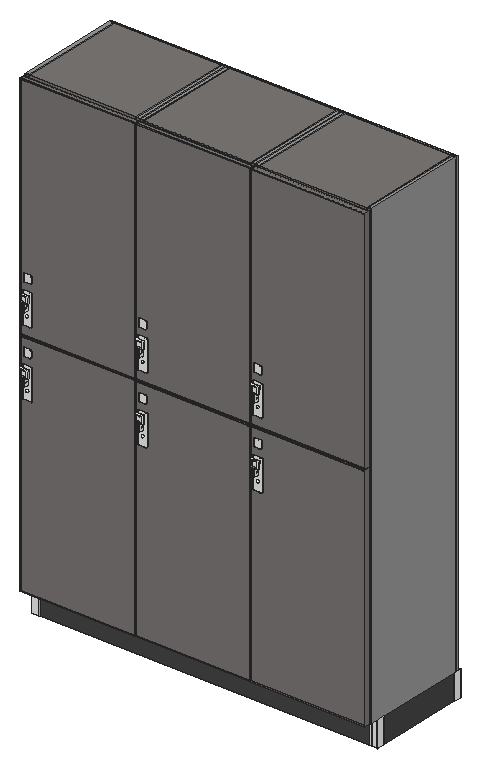
Revit family "Wood_Lockers_Hasps-Salsbury_Industries-18_42000_Series-3_Wide_Units.rfa", category Specialty Equipment, Revit 2016
Family settings
  Part Type = Normal
  Round Connector Dimension = Use Diameter
  OmniClass Number = 23.40.00.00
  OmniClass Title = Equipment and Furnishings
  Work Plane-Based = No
  Always vertical = Yes
  Cut with Voids When Loaded = No
  Shared = No
  Room Calculation Point = No
Parameters (values of type "18-42368")
  Width = 54.000"
  Version = "1.0 (01/31/24)"
  Unit Height including Sloping Hood Only [instance] = 78.868"
  Unit Height including Base Only [instance] = 76.000"
  URL = "www.lockers.com"
  Type Comments = "Premier Wood Lockers - Double Tier - with Hasps"
  Total Doors Height [instance] = if(Unit Height = 72.000", 71.750", if(Unit Height = 60.000", 59.750", 0.000"))  # 71.750"
  Sloping Top Corner Filler - Right Side [instance] = Wood Locker Sloping Corner Fillers : None
  Sloping Top Corner Filler - Left Side [instance] = Wood Locker Sloping Corner Fillers : None
  Sloping In-Line Filler - Right Side [instance] = Wood Locker Sloping In-Line Fillers : None
  Sloping In-Line Filler - Left Side [instance] = Wood Locker Sloping In-Line Fillers : None
  Sloping Hood Height = if(Depth = 15.000", 5.743", if(Depth = 18.000", 6.868", if(Depth = 21.000", 7.993", if(Depth = 24.000", 9.118", 0.000"))))  # 6.868"
  Sloping Hood [instance] = Wood Locker Sloping Hoods : None
  Side Panel without Slope - Right Side [instance] = Wood Locker Side Panels-No Slope : None
  Side Panel without Slope - Left Side [instance] = Wood Locker Side Panels-No Slope : None
  Side Panel with Slope - Right Side [instance] = Wood Locker Side Panels-With Slope : None
  Side Panel with Slope - Left Side [instance] = Wood Locker Side Panels-With Slope : None
  Secondary Structure Materials = Particle Board Industrial Grade - Salsbury Finish - Black Melamine Overlay
  Primary Structure Materials = Particle Board Industrial Grade - Salsbury Finish - Plain
  Overall Unit Height including Base and Sloping Hood [instance] = 82.868"
  OmniClass 23 Title = "Equipment and Furnishings"
  OmniClass 23 Number = "23.40.00.00"
  Model = "18-42368"
  MasterFormat Title = "Lockers"
  MasterFormat Code = "10 51 23"
  Manufacturer = "Salsbury Industries"
  Laminate Surface [instance] = Industrial Grade Particleboard with Wood Laminate - Salsbury Finish - Skyline Walnut
  Unit Height = 72.000"
  Interior Material = Textured Melamine - Salsbury Finish - White
  Individual Door Width [instance] = 17.875"
  Individual Door Height = if(Unit Height = 72.000", 35.781", if(Unit Height = 60.000", 29.781", 0.000"))  # 35.781"
  Hardware = Aluminum - Salsbury Finish - Black Satin
  Front Vertical Filler - Right Side [instance] = Wood Locker Front Fillers : None
  Front Vertical Filler - Left Side [instance] = Wood Locker Front Fillers : None
  Front Corner Filler - Right Side [instance] = Wood Locker Front Corner Filler : None
  Front Corner Filler - Left Side [instance] = Wood Locker Front Corner Filler : None
  Flat Top In-Line Filler - Right Side [instance] = Wood Locker Flat In-Line Fillers : None
  Flat Top In-Line Filler - Left Side [instance] = Wood Locker Flat In-Line Fillers : None
  Flat Top Corner Filler - Right Side [instance] = Wood Locker Flat Corner Fillers : None
  Flat Top Corner Filler - Left Side [instance] = Wood Locker Flat Corner Fillers : None
  Fascia Filler [instance] = Wood Locker Fascia Fillers : None
  Double Side Panel without Slope - Right Side [instance] = Wood Locker Double Side Panels-No Slope : None
  Double Side Panel without Slope - Left Side [instance] = Wood Locker Double Side Panels-No Slope : None
  Double Side Panel with Slope - Right Side [instance] = Wood Locker Double Side Panels-With Slope : None
  Double Side Panel with Slope - Left Side [instance] = Wood Locker Double Side Panels-With Slope : None
  Door Location D2 = Premier Locker Doors_Hasp : Double Tier Door-2 for Six Foot High Locker
  Door Location D1 = Premier Locker Doors_Hasp : Double Tier Door-1 for Six Foot High Locker
  Description = "3 Wide - 6 Feet High - 18 inches Deep - with Base"
  Depth = 18.000"
  Compartment Width [instance] = 16.750"
  Compartment Height [instance] = if(Unit Height = 72.000", 34.875", if(Unit Height = 60.000", 28.875", 0.000"))  # 34.875"
  Compartment Depth [instance] = 16.750"
  Base Material = Particle Board Industrial Grade - Salsbury Finish - Black Melamine Overlay
  Base Height = 4.000"
  Base Depth [instance] = 16.250"
  Base = Wood Locker Bases : Base - 54" W x 18" D Lockers
  Assembly Code = "C1030310"
Reference planes (in)
  plane 1 "Center (Front/Back)": y = 0
  plane 2: z = 0
  plane 3 "Center (Left/Right)": x = 0
  plane 4 "Right Side of Unit": x = 27
  plane 5 "Left Side of Unit": x = -27
  plane 6 "Back of Unit": y = 9
  plane 7 "Front of Unit": y = -9
  plane 8 "Bottom of Base": z = 0
  plane 9 "Top Edge of Unit": z = 76
  plane 10 "Top of Base Edge": z = 4
  plane 11: z = 82.868
  plane 12 "Right Compartment 3 Edge": x = 26.406
  plane 13 "Left Compartment 1 Edge": x = -26.406
  plane 14 "Front Melamine Edge": y = -8
  plane 15 "Back Compartment Edge": y = 8.781
  plane 16 "Front Compartment Edge": y = -7.969
  plane 17 "Front Edge of Base": y = -6.625
  plane 18 "Bottom Edge of Door": z = 4.125
  plane 19 "Top Edge of Door": z = 75.875
  plane 20 "Bottom Compartment Edge": z = 4.75
  plane 21 "Top Compartment Edge": z = 75.25
  plane 22 "Center Top and Bottom": z = 40
  plane 23 "Left Melamine 1 Edge": x = -26.375
  plane 24 "Right Melamine 3 Edge": x = 26.375
  plane 25 "Back Melamine Edge": y = 8.75
  plane 26 "Left Edge of Door": x = -26.875
  plane 27: y = 9.625
  plane 28: y = -7.25
  plane 29 "Base / Ventillation Alignment": y = 9.625
  plane 30 "Compartment 1-2 Dividing Line": x = -9
  plane 31 "Compartment 2-3 Dividing Line": x = 9
  plane 32 "Right Compartment 1 Edge": x = -9.594
  plane 33 "Right Melamine 1 Edge": x = -9.625
  plane 34 "Left Compartment 2 Edge": x = -8.406
  plane 35 "Left Melamine 2 Edge": x = -8.375
  plane 36 "Right Compartment 2 Edge": x = 8.406
  plane 37 "Right Melamine 2 Edge": x = 8.375
  plane 38 "Left Compartment 3 Edge": x = 9.594
  plane 39 "Left Melamine 3 Edge": x = 9.625
  plane 40 "Compartment Shelf": z = 40.375
  plane 41: z = 39.625
  plane 42 "Compartment Extrusion Guide": z = 3.5
  plane 43 "Vertical Center of Compartment 1": x = -18
  plane 44 "Vertical Center of Compartment 3": x = 18
  plane 45: z = 39.906
  plane 46: z = 40.094
  plane 47 "Front of Shelf": y = 3.75
  plane 48: y = 3.781
  plane 49 "Top Shelf - Top": z = 70.75
  plane 50 "Top Shelf - Bottom": z = 70
  plane 51 "Bottom Shelf - Top": z = 35.125
  plane 52 "Bottom Shelf - Bottom": z = 34.375
Forms (in)
  Extrusion 1, solid, material "Particle Board Industrial Grade - Salsbury Finish - Plain" <- "Primary Structure Materials"
    sketch origin (27, 0, 0) x (0, -1, 0) y (0, 0, 1)
      loop
        line (7.969, 76) -> (-8.75, 76) -> (-8.75, 4) -> (7.969, 4) -> (7.969, 76)
    from 0 to 0.594
  Extrusion 2, solid, material "Particle Board Industrial Grade - Salsbury Finish - Plain" <- "Primary Structure Materials"
    sketch origin (-27, 0, 0) x (0, -1, 0) y (0, 0, 1)
      loop
        line (-8.75, 76) -> (-8.75, 4) -> (7.969, 4) -> (7.969, 76) -> (-8.75, 76)
    from 0 to -0.594
  Extrusion 3, solid, material "Textured Melamine - Salsbury Finish - White" <- "Interior Material"
    sketch origin (0, 0, 4) x (0, -1, 0) y (1, 0, 0)
      loop
        line (-8.75, -26.375) -> (7.969, -26.375) -> (7.969, 26.375) -> (-8.75, 26.375) -> (-8.75, -26.375)
    from 0 to 0.75
  Extrusion 4, solid, material "Industrial Grade Particleboard with Wood Laminate - Salsbury Finish - Skyline Walnut" <- "Laminate Surface"
    sketch origin (0, 0, 76) x (0, -1, 0) y (1, 0, 0)
      loop
        line (-8.75, -26.375) -> (8, -26.375) -> (8, 26.375) -> (-8.75, 26.375) -> (-8.75, -26.375)
    from 0 to -0.75
  Extrusion 5, solid, material "Particle Board Industrial Grade - Salsbury Finish - Plain" <- "Primary Structure Materials"
    sketch origin (0, 9, 0) x (1, 0, 0) y (0, 0, 1)
      loop
        line (-27, 76) -> (-27, 4) -> (27, 4) -> (27, 76) -> (-27, 76)
    from 0 to 0.219
  Extrusion 6, solid, material "Industrial Grade Particleboard with Wood Laminate - Salsbury Finish - Skyline Walnut" <- "Laminate Surface"
    sketch origin (0, -7.969, 0) x (1, 0, 0) y (0, 0, 1)
      loop
        line (-27, 76) -> (-27, 4) -> (-26.375, 4) -> (-26.375, 76) -> (-27, 76)
    from 0 to 0.031
  Extrusion 7, solid, material "Industrial Grade Particleboard with Wood Laminate - Salsbury Finish - Skyline Walnut" <- "Laminate Surface"
    sketch origin (0, -7.969, 0) x (-1, 0, 0) y (0, 0, -1)
      loop
        line (-27, -76) -> (-26.375, -76) -> (-26.375, -4) -> (-27, -4) -> (-27, -76)
    from 0 to 0.031
  Extrusion 8, solid, material "Textured Melamine - Salsbury Finish - White" <- "Interior Material"
    sketch origin (0, 8.75, 0) x (1, 0, 0) y (0, 0, 1)
      loop
        line (-27, 76) -> (-27, 4) -> (27, 4) -> (27, 76) -> (-27, 76)
    from -0.031 to 0
  Extrusion 9, solid, material "Textured Melamine - Salsbury Finish - White" <- "Interior Material"
    sketch origin (-26.406, 0, 0) x (0, -1, 0) y (0, 0, 1)
      loop
        line (-8.75, 76) -> (-8.75, 4) -> (7.969, 4) -> (7.969, 76) -> (-8.75, 76)
    from 0 to -0.031
  Extrusion 10, solid, material "Textured Melamine - Salsbury Finish - White" <- "Interior Material"
    sketch origin (26.406, 0, 0) x (0, -1, 0) y (0, 0, 1)
      loop
        line (7.969, 76) -> (-8.75, 76) -> (-8.75, 4) -> (7.969, 4) -> (7.969, 76)
    from 0 to 0.031
  Extrusion 11, solid, material "Textured Melamine - Salsbury Finish - White" <- "Interior Material", detail levels fine
    sketch origin (0, 0, 40.375) x (0, -1, 0) y (1, 0, 0)
      loop
        line (-8.75, -26.375) -> (7.969, -26.375) -> (7.969, 26.375) -> (-8.75, 26.375) -> (-8.75, -26.375)
    from 0 to -0.75
  Extrusion 12, void
    sketch origin (0, 0, 76) x (0, -1, 0) y (1, 0, 0)
      loop
        line (-8.75, -9.625) -> (8, -9.625) -> (8, -8.375) -> (-8.75, -8.375) -> (-8.75, -9.625)
    from -72.5 to 0
  Extrusion 13, void
    sketch origin (12, 0, 76) x (0, -1, 0) y (1, 0, 0)
      loop
        line (-8.75, -3.625) -> (8, -3.625) -> (8, -2.375) -> (-8.75, -2.375) -> (-8.75, -3.625)
    from -72.5 to 0
  Extrusion 14, solid, material "Particle Board Industrial Grade - Salsbury Finish - Plain" <- "Primary Structure Materials"
    sketch origin (6.0625, 0, 0) x (0, -1, 0) y (0, 0, 1)
      loop
        line (7.969, 76) -> (-8.75, 76) -> (-8.75, 4) -> (7.969, 4) -> (7.969, 76)
    from -2.9375 to -2.3435
  Extrusion 15, solid, material "Textured Melamine - Salsbury Finish - White" <- "Interior Material"
    sketch origin (5.4685, 0, 0) x (0, -1, 0) y (0, 0, 1)
      loop
        line (7.969, 76) -> (-8.75, 76) -> (-8.75, 4) -> (7.969, 4) -> (7.969, 76)
    from -2.9375 to -2.9065
  Extrusion 16, solid, material "Particle Board Industrial Grade - Salsbury Finish - Plain" <- "Primary Structure Materials"
    sketch origin (-5.9375, 0, 0) x (0, -1, 0) y (0, 0, 1)
      loop
        line (7.969, 76) -> (-8.75, 76) -> (-8.75, 4) -> (7.969, 4) -> (7.969, 76)
    from 3.0625 to 3.6565
  Extrusion 17, solid, material "Textured Melamine - Salsbury Finish - White" <- "Interior Material"
    sketch origin (-6.5315, 0, 0) x (0, -1, 0) y (0, 0, 1)
      loop
        line (7.969, 76) -> (-8.75, 76) -> (-8.75, 4) -> (7.969, 4) -> (7.969, 76)
    from 3.0625 to 3.0935
  Extrusion 18, solid, material "Particle Board Industrial Grade - Salsbury Finish - Plain" <- "Primary Structure Materials"
    sketch origin (-5.9375, 0, 0) x (0, -1, 0) y (0, 0, 1)
      loop
        line (-8.75, 76) -> (-8.75, 4) -> (7.969, 4) -> (7.969, 76) -> (-8.75, 76)
    from 3.0625 to 2.4685
  Extrusion 19, solid, material "Textured Melamine - Salsbury Finish - White" <- "Interior Material"
    sketch origin (-5.3435, 0, 0) x (0, -1, 0) y (0, 0, 1)
      loop
        line (-8.75, 76) -> (-8.75, 4) -> (7.969, 4) -> (7.969, 76) -> (-8.75, 76)
    from 3.0625 to 3.0315
  Extrusion 20, solid, material "Particle Board Industrial Grade - Salsbury Finish - Plain" <- "Primary Structure Materials"
    sketch origin (6.0625, 0, 0) x (0, -1, 0) y (0, 0, 1)
      loop
        line (-8.75, 76) -> (-8.75, 4) -> (7.969, 4) -> (7.969, 76) -> (-8.75, 76)
    from -2.9375 to -3.5315
  Extrusion 21, solid, material "Textured Melamine - Salsbury Finish - White" <- "Interior Material"
    sketch origin (6.6565, 0, 0) x (0, -1, 0) y (0, 0, 1)
      loop
        line (-8.75, 76) -> (-8.75, 4) -> (7.969, 4) -> (7.969, 76) -> (-8.75, 76)
    from -2.9375 to -2.9685
  Extrusion 22, solid, material "Industrial Grade Particleboard with Wood Laminate - Salsbury Finish - Skyline Walnut" <- "Laminate Surface"
    sketch origin (11.375, -7.969, 0) x (1, 0, 0) y (0, 0, 1)
      loop
        line (-21, 76) -> (-21, 4) -> (-19.75, 4) -> (-19.75, 76) -> (-21, 76)
    from 0 to 0.031
  Extrusion 23, solid, material "Industrial Grade Particleboard with Wood Laminate - Salsbury Finish - Skyline Walnut" <- "Laminate Surface"
    sketch origin (23.375, -7.969, 0) x (1, 0, 0) y (0, 0, 1)
      loop
        line (-15, 76) -> (-15, 4) -> (-13.75, 4) -> (-13.75, 76) -> (-15, 76)
    from 0 to 0.031
  Extrusion 24, solid, material "Industrial Grade Particleboard with Wood Laminate - Salsbury Finish - Skyline Walnut" <- "Laminate Surface"
    sketch origin (0, -7.969, 0) x (1, 0, 0) y (0, 0, 1)
      loop
        line (-26.375, 40.375) -> (-26.375, 39.625) -> (26.375, 39.625) -> (26.375, 40.375) -> (-26.375, 40.375)
    from 0 to 0.031
  Extrusion 25, solid, material "Industrial Grade Particleboard with Wood Laminate - Salsbury Finish - Skyline Walnut" <- "Laminate Surface"
    sketch origin (0, -7.969, 0) x (1, 0, 0) y (0, 0, 1)
      loop
        line (-26.375, 4.75) -> (-26.375, 4) -> (26.375, 4) -> (26.375, 4.75) -> (-26.375, 4.75)
    from 0 to 0.031
  Extrusion 26, solid, material "Textured Melamine - Salsbury Finish - White" <- "Interior Material"
    sketch origin (0, 0, 70.75) x (0, -1, 0) y (1, 0, 0)
      loop
        line (-8.75, -26.375) -> (-3.781, -26.375) -> (-3.781, 26.375) -> (-8.75, 26.375) -> (-8.75, -26.375)
    from 0 to -0.75
  Extrusion 27, solid, material "Textured Melamine - Salsbury Finish - White" <- "Interior Material"
    sketch origin (0, 0, 35.125) x (0, -1, 0) y (1, 0, 0)
      loop
        line (-8.75, -26.375) -> (-3.781, -26.375) -> (-3.781, 26.375) -> (-8.75, 26.375) -> (-8.75, -26.375)
    from 0 to -0.75
  Extrusion 28, solid, material "Industrial Grade Particleboard with Wood Laminate - Salsbury Finish - Skyline Walnut" <- "Laminate Surface"
    sketch origin (0, 3.75, 0) x (1, 0, 0) y (0, 0, 1)
      loop
        line (-26.375, 70.75) -> (-26.375, 70) -> (26.375, 70) -> (26.375, 70.75) -> (-26.375, 70.75)
    from 0 to -0.031
  Extrusion 29, solid, material "Industrial Grade Particleboard with Wood Laminate - Salsbury Finish - Skyline Walnut" <- "Laminate Surface"
    sketch origin (0, 3.75, 0) x (1, 0, 0) y (0, 0, 1)
      loop
        line (-26.375, 35.125) -> (-26.375, 34.375) -> (26.375, 34.375) -> (26.375, 35.125) -> (-26.375, 35.125)
    from 0 to -0.031
Cuts and joins
  Extrusion 12, Extrusion 13 cuts Extrusion 4
  Extrusion 12, Extrusion 13 cuts Extrusion 11
  Extrusion 12, Extrusion 13 cuts Extrusion 3
  Extrusion 13 cuts Extrusion 8
Lines and regions (in)
  symbolic lines
    curve 1: line (-27, 8.75, 76) -> (27.00006, 8.75, 76)
    curve 2: line (-27, 8.75, 0) -> (-27, 8.75, 76)
    curve 3: line (27.00006, 8.75, 76) -> (27.00006, 8.75, 0)
    curve 4: line (26.406, -8, 76) -> (26.406, 9.625, 76)
    curve 5: line (26.406, -8, 0) -> (26.406, -8, 76)
    curve 6: line (26.406, 9.625, 76) -> (26.406, 9.625, 0)
    curve 7: line (27.00006, 8.75, 0) -> (-27, 8.75, 0)
    curve 8: line (26.406, -6.625, 0) -> (26.406, 9.625, 0)
    curve 9: line (26.406, 9.625, 0) -> (26.406, -6.625, 0)
    curve 10: line (26.406, -8, 0) -> (26.406, 9.625, 0)
    curve 11: line (-27, 9.625, 0) -> (27, 9.625, 0)
    curve 12: line (-27, -8, 0) -> (-27, 9.625, 0)
    curve 13: line (27, -8, 0) -> (-27, -8, 0)
    curve 14: line (27, 9.625, 0) -> (27, -8, 0)
Dimensions and locks (in)
  equal spacing: plane 5 "Left Side of Unit", plane 43 "Vertical Center of Compartment 1", plane 30 "Compartment 1-2 Dividing Line", plane 3 "Center (Left/Right)", plane 31 "Compartment 2-3 Dividing Line", plane 44 "Vertical Center of Compartment 3", plane 4 "Right Side of Unit"
  "Width": plane 5 "Left Side of Unit" to plane 4 "Right Side of Unit"
  equal spacing: plane 7 "Front of Unit", plane 1 "Center (Front/Back)", plane 6 "Back of Unit"
  "Depth": plane 7 "Front of Unit" to plane 6 "Back of Unit"
  "Base Height": plane 10 "Top of Base Edge" to plane 8 "Bottom of Base"
  "Unit Height": plane 9 "Top Edge of Unit" to plane 10 "Top of Base Edge"
  "Sloping Hood Height": plane 11 to plane 9 "Top Edge of Unit"
  locked: plane 12 "Right Compartment 3 Edge" to plane 4 "Right Side of Unit" at 0.594
  locked: plane 5 "Left Side of Unit" to plane 13 "Left Compartment 1 Edge" at 0.594
  locked: plane 7 "Front of Unit" to plane 14 "Front Melamine Edge" at 1
  locked: plane 15 "Back Compartment Edge" to plane 6 "Back of Unit" at 0.219
  locked: plane 14 "Front Melamine Edge" to plane 16 "Front Compartment Edge" at 0.031
  plane 18 "Bottom Edge of Door" to plane 10 "Top of Base Edge" = 0.125"
  plane 9 "Top Edge of Unit" to plane 19 "Top Edge of Door" = 0.125"
  plane 20 "Bottom Compartment Edge" to plane 10 "Top of Base Edge" = 0.750"
  plane 9 "Top Edge of Unit" to plane 21 "Top Compartment Edge" = 0.750"
  equal spacing: plane 9 "Top Edge of Unit", plane 22 "Center Top and Bottom", plane 10 "Top of Base Edge"
  locked: plane 24 "Right Melamine 3 Edge" to plane 12 "Right Compartment 3 Edge" at 0.031
  locked: plane 13 "Left Compartment 1 Edge" to plane 23 "Left Melamine 1 Edge" at 0.031
  locked: plane 25 "Back Melamine Edge" to plane 15 "Back Compartment Edge" at 0.031
  locked: plane 5 "Left Side of Unit" to plane 26 "Left Edge of Door" at 0.125
  "Individual Door Width": plane 26 "Left Edge of Door" to plane 30 "Compartment 1-2 Dividing Line"
  "Total Doors Height": plane 19 "Top Edge of Door" to plane 18 "Bottom Edge of Door"
  "Unit Height including Base Only": plane 9 "Top Edge of Unit" to plane 8 "Bottom of Base"
  "Unit Height including Sloping Hood Only": plane 11 to plane 10 "Top of Base Edge"
  "Overall Unit Height including Base and Sloping Hood": plane 11 to plane 8 "Bottom of Base"
  locked: plane 7 "Front of Unit" to plane 17 "Front Edge of Base" at 2.375
  locked: plane 6 "Back of Unit" to plane 27 at 0.625
  "Base Depth": plane 17 "Front Edge of Base" to plane 27
  "Compartment Width": plane 23 "Left Melamine 1 Edge" to plane 33 "Right Melamine 1 Edge"
  "Compartment Height": plane 41 to plane 20 "Bottom Compartment Edge"
  "Compartment Depth": plane 14 "Front Melamine Edge" to plane 25 "Back Melamine Edge"
  locked: plane 14 "Front Melamine Edge" to plane 28 at 0.75
  plane 14 "Front Melamine Edge" to plane 27 = 17.625"
  Extrusion 2 to Extrusion 9 = 16.719"
  plane 6 "Back of Unit" to plane 29 "Base / Ventillation Alignment" = 0.625"
  plane 32 "Right Compartment 1 Edge" to plane 30 "Compartment 1-2 Dividing Line" to plane 34 "Left Compartment 2 Edge" = 0.594" locked, 0.594" locked
  plane 36 "Right Compartment 2 Edge" to plane 31 "Compartment 2-3 Dividing Line" to plane 38 "Left Compartment 3 Edge" = 0.594" locked, 0.594" locked
  locked: plane 37 "Right Melamine 2 Edge" to plane 36 "Right Compartment 2 Edge" at 0.031
  locked: plane 38 "Left Compartment 3 Edge" to plane 39 "Left Melamine 3 Edge" at 0.031
  locked: plane 34 "Left Compartment 2 Edge" to plane 35 "Left Melamine 2 Edge" at 0.031
  plane 33 "Right Melamine 1 Edge" to plane 32 "Right Compartment 1 Edge" = 0.031"
  locked: plane 40 "Compartment Shelf" to plane 41 at 0.75
  locked: plane 10 "Top of Base Edge" to plane 42 "Compartment Extrusion Guide" at 0.5
  locked: plane 46 to plane 45 at 0.188
  "Individual Door Height": plane 45 to plane 18 "Bottom Edge of Door"
  plane 47 "Front of Shelf" to plane 25 "Back Melamine Edge" = 5.000"
  locked: plane 47 "Front of Shelf" to plane 48 at 0.031
  plane 21 "Top Compartment Edge" to plane 49 "Top Shelf - Top" to plane 50 "Top Shelf - Bottom" = 4.500" locked, 0.750" locked
  plane 41 to plane 51 "Bottom Shelf - Top" to plane 52 "Bottom Shelf - Bottom" = 4.500" locked, 0.750" locked
  aligned and locked: level to plane 2
  aligned and locked: Extrusion 5 to plane 15 "Back Compartment Edge"
  aligned and locked: plane 4 "Right Side of Unit" to nested 1
  aligned and locked: plane 18 "Bottom Edge of Door" to nested 1
  aligned and locked: plane 7 "Front of Unit" to nested 1
  aligned and locked: plane 5 "Left Side of Unit" to nested 2
  aligned and locked: nested 2 to plane 14 "Front Melamine Edge"
  aligned and locked: nested 2 to plane 9 "Top Edge of Unit"
  aligned and locked: plane 4 "Right Side of Unit" to nested 3
  aligned and locked: nested 3 to plane 9 "Top Edge of Unit"
  aligned and locked: nested 3 to plane 14 "Front Melamine Edge"
  aligned and locked: plane 9 "Top Edge of Unit" to nested 4
  aligned and locked: plane 28 to nested 4
  aligned and locked: plane 28 to nested 5
  aligned and locked: plane 5 "Left Side of Unit" to nested 5
  aligned and locked: plane 4 "Right Side of Unit" to nested 4
  aligned and locked: plane 9 "Top Edge of Unit" to nested 5
  aligned and locked: nested 7 to plane 5 "Left Side of Unit"
  aligned and locked: nested 6 to plane 4 "Right Side of Unit"
  aligned and locked: plane 14 "Front Melamine Edge" to nested 6
  aligned and locked: plane 14 "Front Melamine Edge" to nested 7
  aligned and locked: plane 10 "Top of Base Edge" to nested 6
  aligned and locked: plane 10 "Top of Base Edge" to nested 7
  aligned and locked: plane 5 "Left Side of Unit" to nested 8
  aligned and locked: plane 4 "Right Side of Unit" to nested 9
  aligned and locked: nested 9 to plane 10 "Top of Base Edge"
  aligned and locked: nested 8 to plane 10 "Top of Base Edge"
  aligned and locked: plane 16 "Front Compartment Edge" to nested 9
  aligned and locked: plane 14 "Front Melamine Edge" to nested 8
  aligned and locked: plane 4 "Right Side of Unit" to nested 10
  aligned and locked: nested 10 to plane 10 "Top of Base Edge"
  aligned and locked: plane 14 "Front Melamine Edge" to nested 10
  aligned and locked: plane 14 "Front Melamine Edge" to nested 11
  aligned and locked: nested 11 to nested 3
  aligned and locked: plane 10 "Top of Base Edge" to nested 11
  aligned and locked: nested 12 to plane 5 "Left Side of Unit"
  aligned and locked: plane 14 "Front Melamine Edge" to nested 12
  aligned and locked: plane 10 "Top of Base Edge" to nested 12
  aligned and locked: plane 14 "Front Melamine Edge" to nested 13
  aligned and locked: nested 13 to plane 4 "Right Side of Unit"
  aligned and locked: plane 14 "Front Melamine Edge" to nested 14
  aligned and locked: nested 14 to plane 5 "Left Side of Unit"
  aligned and locked: plane 10 "Top of Base Edge" to nested 13
  aligned and locked: plane 10 "Top of Base Edge" to nested 14
  aligned and locked: plane 14 "Front Melamine Edge" to nested 15
  aligned and locked: plane 4 "Right Side of Unit" to nested 15
  aligned and locked: plane 14 "Front Melamine Edge" to nested 16
  aligned and locked: plane 5 "Left Side of Unit" to nested 16
  aligned and locked: nested 15 to plane 8 "Bottom of Base"
  aligned and locked: nested 16 to plane 8 "Bottom of Base"
  aligned and locked: nested 17 to plane 5 "Left Side of Unit"
  aligned and locked: nested 18 to plane 4 "Right Side of Unit"
  aligned and locked: nested 18 to plane 14 "Front Melamine Edge"
  aligned and locked: nested 17 to plane 14 "Front Melamine Edge"
  aligned and locked: plane 8 "Bottom of Base" to nested 18
  aligned and locked: plane 8 "Bottom of Base" to nested 17
  aligned and locked: nested 19 to plane 17 "Front Edge of Base"
  aligned and locked: nested 20 to plane 9 "Top Edge of Unit"
  aligned and locked: plane 5 "Left Side of Unit" to nested 20
  aligned and locked: nested 21 to plane 9 "Top Edge of Unit"
  aligned and locked: plane 4 "Right Side of Unit" to nested 21
  aligned and locked: nested 21 to plane 14 "Front Melamine Edge"
  aligned and locked: nested 20 to plane 14 "Front Melamine Edge"
  aligned and locked: nested 23 to plane 9 "Top Edge of Unit"
  aligned and locked: plane 4 "Right Side of Unit" to nested 23
  aligned and locked: nested 22 to plane 9 "Top Edge of Unit"
  aligned and locked: plane 5 "Left Side of Unit" to nested 22
  aligned and locked: nested 23 to plane 28
  aligned and locked: nested 22 to plane 28
  aligned and locked: nested 19 to plane 8 "Bottom of Base"
  aligned and locked: plane 3 "Center (Left/Right)" to nested 19
  aligned and locked: Extrusion 3 sketch curve to plane 25 "Back Melamine Edge"
  aligned and locked: Extrusion 3 sketch curve to plane 23 "Left Melamine 1 Edge"
  aligned and locked: plane 24 "Right Melamine 3 Edge" to Extrusion 3 sketch curve
  aligned and locked: Extrusion 4 sketch curve to plane 25 "Back Melamine Edge"
  aligned and locked: plane 24 "Right Melamine 3 Edge" to Extrusion 4 sketch curve
  aligned and locked: Extrusion 4 sketch curve to plane 23 "Left Melamine 1 Edge"
  aligned and locked: Extrusion 4 sketch curve to plane 14 "Front Melamine Edge"
  aligned and locked: Extrusion 4 to plane 9 "Top Edge of Unit"
  aligned and locked: Extrusion 4 to plane 21 "Top Compartment Edge"
  aligned and locked: Extrusion 2 sketch curve to plane 9 "Top Edge of Unit"
  aligned and locked: plane 16 "Front Compartment Edge" to Extrusion 2 sketch curve
  aligned and locked: Extrusion 2 sketch curve to plane 25 "Back Melamine Edge"
  aligned and locked: plane 10 "Top of Base Edge" to Extrusion 2 sketch curve
  aligned and locked: Extrusion 2 to plane 13 "Left Compartment 1 Edge"
  aligned and locked: plane 5 "Left Side of Unit" to Extrusion 2
  aligned and locked: plane 10 "Top of Base Edge" to Extrusion 9 sketch curve
  aligned and locked: Extrusion 9 sketch curve to plane 25 "Back Melamine Edge"
  aligned and locked: Extrusion 9 sketch curve to plane 9 "Top Edge of Unit"
  aligned and locked: Extrusion 1 sketch curve to plane 16 "Front Compartment Edge"
  aligned and locked: plane 9 "Top Edge of Unit" to Extrusion 1 sketch curve
  aligned and locked: Extrusion 1 sketch curve to plane 10 "Top of Base Edge"
  aligned and locked: plane 25 "Back Melamine Edge" to Extrusion 1 sketch curve
  aligned and locked: Extrusion 1 to plane 4 "Right Side of Unit"
  aligned and locked: plane 12 "Right Compartment 3 Edge" to Extrusion 1
  aligned and locked: Extrusion 10 sketch curve to plane 10 "Top of Base Edge"
  aligned and locked: plane 25 "Back Melamine Edge" to Extrusion 10 sketch curve
  aligned and locked: Extrusion 10 sketch curve to plane 16 "Front Compartment Edge"
  aligned and locked: plane 9 "Top Edge of Unit" to Extrusion 10 sketch curve
  aligned and locked: Extrusion 10 to plane 12 "Right Compartment 3 Edge"
  aligned and locked: plane 24 "Right Melamine 3 Edge" to Extrusion 10
  aligned and locked: Extrusion 8 sketch curve to plane 10 "Top of Base Edge"
  aligned and locked: plane 4 "Right Side of Unit" to Extrusion 8 sketch curve
  aligned and locked: Extrusion 8 sketch curve to plane 9 "Top Edge of Unit"
  aligned and locked: Extrusion 8 sketch curve to plane 5 "Left Side of Unit"
  aligned and locked: Extrusion 8 to plane 15 "Back Compartment Edge"
  aligned and locked: Extrusion 8 to plane 25 "Back Melamine Edge"
  aligned and locked: Extrusion 5 sketch curve to plane 9 "Top Edge of Unit"
  aligned and locked: Extrusion 5 sketch curve to plane 5 "Left Side of Unit"
  aligned and locked: Extrusion 5 sketch curve to plane 10 "Top of Base Edge"
  aligned and locked: plane 4 "Right Side of Unit" to Extrusion 5 sketch curve
  aligned and locked: Extrusion 7 sketch curve to plane 9 "Top Edge of Unit"
  aligned and locked: Extrusion 7 sketch curve to plane 4 "Right Side of Unit"
  aligned and locked: plane 24 "Right Melamine 3 Edge" to Extrusion 7 sketch curve
  aligned and locked: plane 10 "Top of Base Edge" to Extrusion 7 sketch curve
  aligned and locked: Extrusion 7 to plane 16 "Front Compartment Edge"
  aligned and locked: plane 14 "Front Melamine Edge" to Extrusion 7
  aligned and locked: plane 10 "Top of Base Edge" to Extrusion 6 sketch curve
  aligned and locked: plane 23 "Left Melamine 1 Edge" to Extrusion 6 sketch curve
  aligned and locked: Extrusion 6 sketch curve to plane 5 "Left Side of Unit"
  aligned and locked: Extrusion 6 sketch curve to plane 9 "Top Edge of Unit"
  aligned and locked: plane 16 "Front Compartment Edge" to Extrusion 6
  aligned and locked: Extrusion 6 to plane 14 "Front Melamine Edge"
  aligned and locked: Extrusion 9 to plane 16 "Front Compartment Edge"
  aligned and locked: plane 13 "Left Compartment 1 Edge" to Extrusion 9
  aligned and locked: nested 2 to curve 1
  aligned and locked: curve 2 to nested 16
  aligned and locked: nested 15 to curve 5
  aligned and locked: curve 9 to nested 19
  aligned and locked: curve 10 to nested 15
  aligned and locked: curve 13 to plane 14 "Front Melamine Edge"
  aligned and locked: curve 12 to plane 5 "Left Side of Unit"
  aligned and locked: curve 11 to plane 29 "Base / Ventillation Alignment"
  aligned and locked: plane 29 "Base / Ventillation Alignment" to curve 6
  aligned and locked: plane 14 "Front Melamine Edge" to nested 24
  aligned and locked: plane 9 "Top Edge of Unit" to nested 24
  aligned and locked: plane 3 "Center (Left/Right)" to nested 24
  aligned and locked: plane 14 "Front Melamine Edge" to nested 25
  aligned and locked: plane 3 "Center (Left/Right)" to nested 25
  aligned and locked: plane 9 "Top Edge of Unit" to nested 25
  aligned and locked: Extrusion 11 sketch curve to plane 25 "Back Melamine Edge"
  aligned and locked: Extrusion 11 sketch curve to plane 23 "Left Melamine 1 Edge"
  aligned and locked: plane 24 "Right Melamine 3 Edge" to Extrusion 11 sketch curve
  aligned and locked: Extrusion 12 sketch curve to plane 25 "Back Melamine Edge"
  aligned and locked: plane 33 "Right Melamine 1 Edge" to Extrusion 12 sketch curve
  aligned and locked: plane 14 "Front Melamine Edge" to Extrusion 12 sketch curve
  aligned and locked: Extrusion 12 sketch curve to plane 35 "Left Melamine 2 Edge"
  aligned and locked: Extrusion 12 to plane 9 "Top Edge of Unit"
  aligned and locked: plane 42 "Compartment Extrusion Guide" to Extrusion 12
  aligned and locked: Extrusion 13 sketch curve to plane 37 "Right Melamine 2 Edge"
  aligned and locked: plane 39 "Left Melamine 3 Edge" to Extrusion 13 sketch curve
  aligned and locked: plane 25 "Back Melamine Edge" to Extrusion 13 sketch curve
  aligned and locked: Extrusion 13 sketch curve to plane 14 "Front Melamine Edge"
  aligned and locked: plane 42 "Compartment Extrusion Guide" to Extrusion 13
  aligned and locked: Extrusion 13 to plane 9 "Top Edge of Unit"
  aligned and locked: plane 9 "Top Edge of Unit" to Extrusion 14 sketch curve
  aligned and locked: plane 25 "Back Melamine Edge" to Extrusion 14 sketch curve
  aligned and locked: Extrusion 14 sketch curve to plane 10 "Top of Base Edge"
  aligned and locked: Extrusion 14 sketch curve to plane 16 "Front Compartment Edge"
  aligned and locked: plane 36 "Right Compartment 2 Edge" to Extrusion 14
  aligned and locked: Extrusion 14 to plane 31 "Compartment 2-3 Dividing Line"
  aligned and locked: plane 25 "Back Melamine Edge" to Extrusion 15 sketch curve
  aligned and locked: plane 9 "Top Edge of Unit" to Extrusion 15 sketch curve
  aligned and locked: Extrusion 15 sketch curve to plane 10 "Top of Base Edge"
  aligned and locked: Extrusion 15 sketch curve to plane 16 "Front Compartment Edge"
  aligned and locked: Extrusion 15 to plane 36 "Right Compartment 2 Edge"
  aligned and locked: plane 37 "Right Melamine 2 Edge" to Extrusion 15
  aligned and locked: plane 25 "Back Melamine Edge" to Extrusion 16 sketch curve
  aligned and locked: plane 9 "Top Edge of Unit" to Extrusion 16 sketch curve
  aligned and locked: Extrusion 16 sketch curve to plane 10 "Top of Base Edge"
  aligned and locked: Extrusion 16 sketch curve to plane 16 "Front Compartment Edge"
  aligned and locked: plane 32 "Right Compartment 1 Edge" to Extrusion 16
  aligned and locked: Extrusion 16 to plane 30 "Compartment 1-2 Dividing Line"
  aligned and locked: plane 25 "Back Melamine Edge" to Extrusion 17 sketch curve
  aligned and locked: plane 9 "Top Edge of Unit" to Extrusion 17 sketch curve
  aligned and locked: Extrusion 17 sketch curve to plane 10 "Top of Base Edge"
  aligned and locked: Extrusion 17 sketch curve to plane 16 "Front Compartment Edge"
  aligned and locked: Extrusion 17 to plane 32 "Right Compartment 1 Edge"
  aligned and locked: plane 33 "Right Melamine 1 Edge" to Extrusion 17
  aligned and locked: plane 10 "Top of Base Edge" to Extrusion 18 sketch curve
  aligned and locked: plane 16 "Front Compartment Edge" to Extrusion 18 sketch curve
  aligned and locked: Extrusion 18 sketch curve to plane 25 "Back Melamine Edge"
  aligned and locked: Extrusion 18 sketch curve to plane 9 "Top Edge of Unit"
  aligned and locked: Extrusion 18 to plane 34 "Left Compartment 2 Edge"
  aligned and locked: plane 30 "Compartment 1-2 Dividing Line" to Extrusion 18
  aligned and locked: Extrusion 19 sketch curve to plane 25 "Back Melamine Edge"
  aligned and locked: Extrusion 19 sketch curve to plane 9 "Top Edge of Unit"
  aligned and locked: plane 10 "Top of Base Edge" to Extrusion 19 sketch curve
  aligned and locked: plane 16 "Front Compartment Edge" to Extrusion 19 sketch curve
  aligned and locked: Extrusion 19 to plane 35 "Left Melamine 2 Edge"
  aligned and locked: plane 34 "Left Compartment 2 Edge" to Extrusion 19
  aligned and locked: plane 16 "Front Compartment Edge" to Extrusion 20 sketch curve
  aligned and locked: plane 10 "Top of Base Edge" to Extrusion 20 sketch curve
  aligned and locked: Extrusion 20 sketch curve to plane 9 "Top Edge of Unit"
  aligned and locked: Extrusion 20 sketch curve to plane 25 "Back Melamine Edge"
  aligned and locked: plane 31 "Compartment 2-3 Dividing Line" to Extrusion 20
  aligned and locked: Extrusion 20 to plane 38 "Left Compartment 3 Edge"
  aligned and locked: Extrusion 21 sketch curve to plane 25 "Back Melamine Edge"
  aligned and locked: Extrusion 21 sketch curve to plane 9 "Top Edge of Unit"
  aligned and locked: plane 10 "Top of Base Edge" to Extrusion 21 sketch curve
  aligned and locked: plane 16 "Front Compartment Edge" to Extrusion 21 sketch curve
  aligned and locked: Extrusion 21 to plane 39 "Left Melamine 3 Edge"
  aligned and locked: plane 38 "Left Compartment 3 Edge" to Extrusion 21
  aligned and locked: plane 31 "Compartment 2-3 Dividing Line" to nested 26
  aligned and locked: plane 30 "Compartment 1-2 Dividing Line" to nested 27
  aligned and locked: plane 18 "Bottom Edge of Door" to nested 26
  aligned and locked: nested 27 to plane 18 "Bottom Edge of Door"
  aligned and locked: plane 7 "Front of Unit" to nested 26
  aligned and locked: nested 27 to plane 7 "Front of Unit"
  aligned and locked: Extrusion 22 sketch curve to plane 33 "Right Melamine 1 Edge"
  aligned and locked: plane 9 "Top Edge of Unit" to Extrusion 22 sketch curve
  aligned and locked: plane 35 "Left Melamine 2 Edge" to Extrusion 22 sketch curve
  aligned and locked: Extrusion 22 sketch curve to plane 10 "Top of Base Edge"
  aligned and locked: Extrusion 22 to plane 16 "Front Compartment Edge"
  aligned and locked: plane 14 "Front Melamine Edge" to Extrusion 22
  aligned and locked: plane 9 "Top Edge of Unit" to Extrusion 23 sketch curve
  aligned and locked: Extrusion 23 sketch curve to plane 37 "Right Melamine 2 Edge"
  aligned and locked: plane 39 "Left Melamine 3 Edge" to Extrusion 23 sketch curve
  aligned and locked: Extrusion 23 sketch curve to plane 10 "Top of Base Edge"
  aligned and locked: Extrusion 23 to plane 16 "Front Compartment Edge"
  aligned and locked: plane 14 "Front Melamine Edge" to Extrusion 23
  aligned and locked: nested 30 to plane 46
  aligned and locked: plane 46 to nested 29
  aligned and locked: plane 30 "Compartment 1-2 Dividing Line" to nested 30
  aligned and locked: plane 31 "Compartment 2-3 Dividing Line" to nested 29
  aligned and locked: plane 46 to nested 28
  aligned and locked: plane 4 "Right Side of Unit" to nested 28
  aligned and locked: plane 7 "Front of Unit" to nested 28
  aligned and locked: plane 7 "Front of Unit" to nested 29
  aligned and locked: nested 30 to plane 7 "Front of Unit"
  aligned and locked: Extrusion 11 to plane 16 "Front Compartment Edge"
  aligned and locked: Extrusion 3 to plane 16 "Front Compartment Edge"
  aligned and locked: Extrusion 24 to plane 40 "Compartment Shelf"
  aligned and locked: Extrusion 24 to plane 41
  aligned and locked: Extrusion 24 to Extrusion 7
  aligned and locked: Extrusion 24 to Extrusion 6
  aligned and locked: Extrusion 24 to plane 14 "Front Melamine Edge"
  aligned and locked: Extrusion 24 to plane 16 "Front Compartment Edge"
  aligned and locked: Extrusion 25 sketch curve to cut or joined group of Extrusion 3, Extrusion 12, Extrusion 13  (x3)
  aligned and locked: Extrusion 7 to Extrusion 25 sketch curve
  aligned and locked: Extrusion 25 to plane 14 "Front Melamine Edge"
  aligned and locked: Extrusion 25 to plane 16 "Front Compartment Edge"
  aligned and locked: Extrusion 26 sketch curve to cut or joined group of Extrusion 4, Extrusion 12, Extrusion 13
  aligned and locked: cut or joined group of Extrusion 4, Extrusion 12, Extrusion 13 to Extrusion 26 sketch curve
  aligned and locked: Extrusion 26 sketch curve to plane 48
  aligned and locked: Extrusion 26 sketch curve to plane 24 "Right Melamine 3 Edge"
  aligned and locked: Extrusion 26 to plane 49 "Top Shelf - Top"
  aligned and locked: Extrusion 26 to plane 50 "Top Shelf - Bottom"
  aligned and locked: Extrusion 27 sketch curve to cut or joined group of Extrusion 4, Extrusion 12, Extrusion 13
  aligned and locked: cut or joined group of Extrusion 4, Extrusion 12, Extrusion 13 to Extrusion 27 sketch curve
  aligned and locked: Extrusion 27 sketch curve to Extrusion 26  (x2)
  aligned and locked: Extrusion 27 to plane 51 "Bottom Shelf - Top"
  aligned and locked: Extrusion 27 to plane 52 "Bottom Shelf - Bottom"
  aligned and locked: Extrusion 28 sketch curve to Extrusion 26  (x4)
  aligned and locked: Extrusion 28 to plane 48
  aligned and locked: Extrusion 28 to plane 47 "Front of Shelf"
  aligned and locked: Extrusion 29 sketch curve to Extrusion 27  (x4)
  aligned and locked: Extrusion 29 to plane 47 "Front of Shelf"
  aligned and locked: Extrusion 29 to plane 48
Automatic sketch dimensions
  Extrusion 9 sketch curve to plane 16 "Front Compartment Edge" = 0.000"
  curve 3 to level = 0.000"
  curve 3 to plane 4 "Right Side of Unit" = 0.00006"
  curve 8 to plane 17 "Front Edge of Base" = 0.000"
  curve 9 to plane 17 "Front Edge of Base" = 0.000"
  plane 9 "Top Edge of Unit" to curve 5 = 0.000"
  curve 13 to plane 4 "Right Side of Unit" = 0.000"
  Extrusion 11 sketch curve to plane 14 "Front Melamine Edge" = 0.031"
  Extrusion 3 sketch curve to plane 14 "Front Melamine Edge" = 0.031"
  Extrusion 24 sketch curve to plane 23 "Left Melamine 1 Edge" = 0.000"
  plane 24 "Right Melamine 3 Edge" to Extrusion 24 sketch curve = 0.000"
  plane 45 to Extrusion 24 sketch curve = 0.281"
  Extrusion 24 sketch curve to plane 46 = 0.281"
Nested families (in)
  nested 1: "Premier Locker Doors_Hasp" at (18.0625, -8.625, 4.125), type <- "Door Location D2", type "Double Tier Door-2 for Six Foot High Locker"
  nested 2: "Wood Locker Sloping Corner Fillers" at (-36.25, -1, 76), type <- "Sloping Top Corner Filler - Left Side", type "None"
  nested 3: "Wood Locker Sloping Corner Fillers" at (36.25, -1, 76) x (-1, 0, 0) z (0, 0, 1), type <- "Sloping Top Corner Filler - Right Side", type "None"
  nested 4: "Wood Locker Flat Corner Fillers" at (34.5, -3.625, 75.25), type <- "Flat Top Corner Filler - Right Side", type "None"
  nested 5: "Wood Locker Flat Corner Fillers" at (-34.5, -3.625, 75.25) x (-1, 0, 0) z (0, 0, 1), type <- "Flat Top Corner Filler - Left Side", type "None"
  nested 6: "Wood Locker Side Panels-No Slope" at (27.375, -1, 4) x (0, 1, 0) z (0, 0, 1), type <- "Side Panel without Slope - Right Side", type "None"
  nested 7: "Wood Locker Side Panels-No Slope" at (-27.375, -1, 4) x (0, 1, 0) z (0, 0, 1), type <- "Side Panel without Slope - Left Side", type "None"
  nested 8: "Wood Locker Side Panels-With Slope" at (-27.375, -0.6875, 4) x (0, -1, 0) z (0, 0, 1), type <- "Side Panel with Slope - Left Side", type "None"
  nested 9: "Wood Locker Side Panels-With Slope" at (27.375, -0.6565, 4) x (0, -1, 0) z (0, 0, 1), type <- "Side Panel with Slope - Right Side", type "None"
  nested 10: "Wood Locker Side Panels-With Slope" at (27.375, -0.6875, 4) x (0, -1, 0) z (0, 0, 1), type <- "Side Panel with Slope - Right Side", type "None"
  nested 11: "Wood Locker Double Side Panels-No Slope" at (27.375, -1, 4) x (0, 1, 0) z (0, 0, 1), type <- "Double Side Panel without Slope - Right Side", type "None"
  nested 12: "Wood Locker Double Side Panels-No Slope" at (-27.375, -1, 4) x (0, 1, 0) z (0, 0, 1), type <- "Double Side Panel without Slope - Left Side", type "None"
  nested 13: "Wood Locker Double Side Panels-With Slope" at (27.375, -1, 4) x (0, 1, 0) z (0, 0, 1), type <- "Double Side Panel with Slope - Right Side", type "None"
  nested 14: "Wood Locker Double Side Panels-With Slope" at (-27.375, -1, 4) x (0, 1, 0) z (0, 0, 1), type <- "Double Side Panel with Slope - Left Side", type "None"
  nested 15: "Wood Locker Front Fillers" at (34.5, -7.625, 0), type <- "Front Vertical Filler - Right Side", type "None"
  nested 16: "Wood Locker Front Fillers" at (-34.5, -7.625, 0) x (-1, 0, 0) z (0, 0, 1), type <- "Front Vertical Filler - Left Side", type "None"
  nested 17: "Wood Locker Front Corner Filler" at (-28.125, -7.625, 0), type <- "Front Corner Filler - Left Side", type "None"
  nested 18: "Wood Locker Front Corner Filler" at (28.125, -7.625, 0) x (-1, 0, 0) z (0, 0, 1), type <- "Front Corner Filler - Right Side", type "None"
  nested 19: "Wood Locker Bases" at (0, 1.5, 0), type <- "Base", type "Base - 54" W x 18" D Lockers"
  nested 20: "Wood Locker Sloping In-Line Fillers" at (-33, -1, 76), type <- "Sloping In-Line Filler - Left Side", type "None"
  nested 21: "Wood Locker Sloping In-Line Fillers" at (33, -1, 76) x (-1, 0, 0) z (0, 0, 1), type <- "Sloping In-Line Filler - Right Side", type "None"
  nested 22: "Wood Locker Flat In-Line Fillers" at (-34.5, -0.625, 75.25), type <- "Flat Top In-Line Filler - Left Side", type "None"
  nested 23: "Wood Locker Flat In-Line Fillers" at (34.5, -0.625, 75.25) x (-1, 0, 0) z (0, 0, 1), type <- "Flat Top In-Line Filler - Right Side", type "None"
  nested 24: "Wood Locker Fascia Fillers" at (0, -7.625, 76), type <- "Fascia Filler", type "None"
  nested 25: "Wood Locker Sloping Hoods" at (0, -0.6875, 76), type <- "Sloping Hood", type "None"
  nested 26: "Premier Locker Doors_Hasp" at (0.0625, -8.625, 4.125), type <- "Door Location D2", type "Double Tier Door-2 for Six Foot High Locker"
  nested 27: "Premier Locker Doors_Hasp" at (-17.9375, -8.625, 4.125), type <- "Door Location D2", type "Double Tier Door-2 for Six Foot High Locker"
  nested 28: "Premier Locker Doors_Hasp" at (18.0625, -8.625, 40.094), type <- "Door Location D1", type "Double Tier Door-1 for Six Foot High Locker"
  nested 29: "Premier Locker Doors_Hasp" at (0.0625, -8.625, 40.094), type <- "Door Location D1", type "Double Tier Door-1 for Six Foot High Locker"
  nested 30: "Premier Locker Doors_Hasp" at (-17.9375, -8.625, 40.094), type <- "Door Location D1", type "Double Tier Door-1 for Six Foot High Locker"
Definition of nested family "Premier Locker Doors_Hasp"
  Parameters (values of type "Single Tier Door for Six Foot High Locker")
    Width = 17.875"
    Visible Number Plates = yes
    Visible Center Hinge = yes
    Primary Structure Materials = none
    Number Tag-Vertical Offset = 31.625"
    Number Tag-Horizontal Offset = 16.750"
    Number Tag Width = 1.250"
    Number Tag Height = 1.250"
    Model = "Premier Locker Doors"
    Manufacturer = "Salsbury Industries"
    Lock Width = 1.500"
    Lock Height = 4.875"
    Laminate Surface = none
    Height = 71.750"
    Lock Vertical Offset = 35.875"
    Lock Horizontal Offset = 0.375"
    Door Trim = none
    Door Hasps = none
    Depth = 0.750"
    Default Elevation = 48.000"
  Types (7): name | Visible Center Hinge | Number Tag-Vertical Offset | Height | Lock Vertical Offset
    Single Tier Door for Six Foot High Locker | yes | 31.625" | 71.750" | 35.875"
    Double Tier Door-1 for Six Foot High Locker | no | 27.641" | 35.781" | 31.891"
    Double Tier Door-2 for Six Foot High Locker | yes | 2.078" | 35.781" | 6.328"
    Triple Tier Door-1 for Six Foot High Locker | no | 15.651" | 23.791" | 19.901"
    Triple Tier Door-2 for Six Foot High Locker | no | 7.646" | 23.791" | 11.896"
    Triple Tier Door-3 for Six Foot High Locker | no | 2.078" | 23.791" | 6.328"
    Four Tier Door for Six Foot High Locker | no | 4.647" | 17.796" | 8.897"
  Reference planes (in)
    plane 1 "Center (Front/Back)": y = 0
    plane 2: z = 0
    plane 3 "Center (Left/Right)": x = 0
    plane 4 "Left Side of Door": x = -8.9375
    plane 5 "Right Side of Door": x = 8.9375
    plane 6 "Back of Door": y = 0.375
    plane 7 "Front of Door": y = -0.375
    plane 8 "Bottom of Door": z = 0
    plane 9 "Top of Door": z = 71.75
    plane 10 "Center of Door": z = 35.875
    plane 11 "Top of Number Tag": z = 40.75
    plane 12 "Bottom of Number Tag": z = 39.5
    plane 13 "Left Side of Number Tag": x = -8.4375
    plane 14 "Right Side of Number Tag": x = -7.1875
    plane 15 "Horizontal Center of Number Tag": x = -7.8125
    plane 16 "Center of Number Tag": z = 40.125
    plane 17 "Left Side of Lock": x = -8.5625
    plane 18 "Right Side of Lock": x = -7.0625
    plane 19 "Lock Vertical Center": z = 35.875
    plane 20 "Top of Lock": z = 38.3125
    plane 21 "Bottom of Lock": z = 33.4375
    plane 22 "Front of Hasp Stud": y = -0.5
    plane 23 "Left Side of Door-Right Side of Trim": x = -8.8125
    plane 24 "Right Side of Door-Left Side of Trim": x = 8.8125
    plane 25 "Top of Door-Bottom of Trim": z = 71.625
    plane 26 "Bottom of Door-Top of Trim": z = 0.125
    plane 27 "Laminate-Particleboard Line": y = -0.344
    plane 28 "Melamine-Particleboard Line": y = 0.344
    plane 29 "Back of Number Plate Inset": y = -0.313
    plane 30 "Center of Lock": x = -7.8125
    plane 31: y = -0.188
    plane 32 "Door Stopper Plane": y = 0.625
    plane 33: x = -8.4875
    plane 34: z = 71.3
    plane 35 "Top Hinge": z = 68.75
    plane 36: x = 8.3125
    plane 37 "Bottom Hinge": z = 3
    plane 38 "Inner Knob": y = -1.094
    plane 39 "Front of Knob": y = -1.125
    plane 40: z = 37.1875
    plane 41: z = 34.5625
    plane 42: z = 38.1875
    plane 43: x = -7.1875
    plane 44: x = -8.4375
    plane 45: z = 36.9375
    plane 46 "Top of Hole": z = 36.8125
    plane 47: x = -7.6245
    plane 48: x = -8.0005
    plane 49 "Bottom of Hole": z = 35.5625
    plane 50 "Stud Alignment": z = 34.8125
    plane 51 "Center of Handle": z = 37.5625
    plane 52: z = 37.7505
    plane 53: z = 37.3745
    plane 54: z = 37.96546
    plane 55: z = 37.15954
    plane 56 "Front of Latch": y = -1
    plane 57: z = 36.6844
    plane 58: z = 35.6844
    plane 59: z = 36.1844
    plane 60: x = 8.3435
    plane 61: z = 36.6245
    plane 62: z = 35.74816
  Forms (in)
    Extrusion 1, solid, detail levels fine
      sketch origin (0, 0, 0) x (1, 0, 0) y (0, 0, 1)
        loop
          line (-8.9065, 0.031) -> (8.9065, 0.031) -> (8.9065, 71.719) -> (-8.9065, 71.719) -> (-8.9065, 0.031)
      from -0.344 to 0.344
    Extrusion 2, solid, material <- "Laminate Surface", detail levels fine
      sketch origin (0, 0.375, 0) x (1, 0, 0) y (0, 0, 1)
        loop
          line (-8.9065, 0.031) -> (8.9065, 0.031) -> (8.9065, 71.719) -> (-8.9065, 71.719) -> (-8.9065, 0.031)
      from 0.031 to 0
    Extrusion 3, solid, material <- "Laminate Surface"
      sketch origin (0, -0.375, 0) x (1, 0, 0) y (0, 0, 1)
        loop
          line (-8.9065, 0.031) -> (8.9065, 0.031) -> (8.9065, 71.719) -> (-8.9065, 71.719) -> (-8.9065, 0.031)
      from 0 to -0.031
    Sweep 4, solid, material <- "Door Trim"
      path origin (0, 0, 0) x (1, 0, 0) y (0, 0, 1)
        loop
          line (8.8125, 71.625) -> (-8.8125, 71.625) -> (-8.8125, 0.125) -> (8.8125, 0.125) -> (8.8125, 71.625)
      profile origin (0, 0, 71.625) x (0, 0, -1) y (0, -1, 0)
        loop
          line (-0.125, 0.375) -> (-0.125, -0.375) -> (-0.094, -0.375) -> (-0.094, 0.375) -> (-0.125, 0.375)
    Extrusion 5, void
      sketch origin (-1.875, -0.313, 0) x (1, 0, 0) y (0, 0, 1)
        loop
          arc (-6.41334, 40.75) -> (-6.51881, 40.70631) -> (-6.5625, 40.60084) r 0.14916
          line (-6.5625, 40.60084) -> (-6.5625, 39.64916)
          arc (-6.5625, 39.64916) -> (-6.51881, 39.54369) -> (-6.41334, 39.5) r 0.14916
          line (-6.41334, 39.5) -> (-5.46166, 39.5)
          arc (-5.46166, 39.5) -> (-5.35619, 39.54369) -> (-5.3125, 39.64916) r 0.14916
          line (-5.3125, 39.64916) -> (-5.3125, 40.60084)
          arc (-5.3125, 40.60084) -> (-5.35619, 40.70631) -> (-5.46166, 40.75) r 0.14916
          line (-5.46166, 40.75) -> (-6.41334, 40.75)
      from 0 to 0.062
    Extrusion 6, solid, visible <- "Visible Number Plates", detail levels medium+fine
      sketch origin (-1.875, -0.375, 0) x (1, 0, 0) y (0, 0, 1)
        loop
          arc (-6.41334, 40.75) -> (-6.51881, 40.70631) -> (-6.5625, 40.60084) r 0.14916
          line (-6.5625, 40.60084) -> (-6.5625, 39.64916)
          arc (-6.5625, 39.64916) -> (-6.51881, 39.54369) -> (-6.41334, 39.5) r 0.14916
          line (-6.41334, 39.5) -> (-5.46166, 39.5)
          arc (-5.46166, 39.5) -> (-5.35619, 39.54369) -> (-5.3125, 39.64916) r 0.14916
          line (-5.3125, 39.64916) -> (-5.3125, 40.60084)
          arc (-5.3125, 40.60084) -> (-5.35619, 40.70631) -> (-5.46166, 40.75) r 0.14916
          line (-5.46166, 40.75) -> (-6.41334, 40.75)
      from -0.062 to 0
    Extrusion 7, solid, detail levels medium+fine
      sketch origin (0, 0.375, 0) x (1, 0, 0) y (0, 0, 1)
        loop
          circle (-8.4875, 71.3) r 0.25
      from 0 to -0.25
    Extrusion 8, solid, detail levels medium+fine
      sketch origin (0, 0.375, 0) x (1, 0, 0) y (0, 0, 1)
        loop
          line (8.3125, 68.5) -> (8.3125, 69) -> (7.8125, 69) -> (7.8125, 68.5) -> (8.3125, 68.5)
      from 0 to -0.25
    Extrusion 9, solid, detail levels medium+fine
      sketch origin (0, 0.375, -0.25) x (1, 0, 0) y (0, 0, 1)
        loop
          line (8.3125, 3) -> (8.3125, 3.5) -> (7.8125, 3.5) -> (7.8125, 3) -> (8.3125, 3)
      from 0 to -0.25
    Extrusion 10, solid, visible <- "Visible Center Hinge", detail levels medium+fine
      sketch origin (0, 0.375, -0.25) x (1, 0, 0) y (0, 0, 1)
        loop
          line (8.3125, 35.875) -> (8.3125, 36.375) -> (7.8125, 36.375) -> (7.8125, 35.875) -> (8.3125, 35.875)
      from 0 to -0.25
    Extrusion 11, void
      sketch origin (-1.875, -0.375, 0) x (1, 0, 0) y (0, 0, 1)
        loop
          arc (-6.5625, 38.3125) -> (-6.65089, 38.27589) -> (-6.6875, 38.1875) r 0.125
          line (-6.6875, 38.1875) -> (-6.6875, 33.5625)
          arc (-6.6875, 33.5625) -> (-6.65089, 33.47411) -> (-6.5625, 33.4375) r 0.125
          line (-6.5625, 33.4375) -> (-5.3125, 33.4375)
          arc (-5.3125, 33.4375) -> (-5.22411, 33.47411) -> (-5.1875, 33.5625) r 0.125
          line (-5.1875, 33.5625) -> (-5.1875, 38.1875)
          arc (-5.1875, 38.1875) -> (-5.22411, 38.27589) -> (-5.3125, 38.3125) r 0.125
          line (-5.3125, 38.3125) -> (-6.5625, 38.3125)
      from -0.062 to 0
    Extrusion 12, solid
      sketch origin (-1.875, -0.375, 0) x (1, 0, 0) y (0, 0, 1)
        loop
          line (-5.3125, 38.3125) -> (-6.5625, 38.3125)
          arc (-6.5625, 38.3125) -> (-6.65089, 38.27589) -> (-6.6875, 38.1875) r 0.125
          line (-6.6875, 38.1875) -> (-6.6875, 33.5625)
          arc (-6.6875, 33.5625) -> (-6.65089, 33.47411) -> (-6.5625, 33.4375) r 0.125
          line (-6.5625, 33.4375) -> (-5.3125, 33.4375)
          arc (-5.3125, 33.4375) -> (-5.22411, 33.47411) -> (-5.1875, 33.5625) r 0.125
          line (-5.1875, 33.5625) -> (-5.1875, 38.1875)
          arc (-5.1875, 38.1875) -> (-5.22411, 38.27589) -> (-5.3125, 38.3125) r 0.125
      from 0 to -0.062
    Extrusion 13, void
      sketch origin (-1.875, -0.375, 0) x (1, 0, 0) y (0, 0, 1)
        loop
          line (-6.1255, 36.6245) -> (-6.1255, 35.74816)
          arc (-6.1255, 35.74816) -> (-5.9375, 35.56016) -> (-5.7495, 35.74816) r 0.188
          line (-5.7495, 35.74816) -> (-5.7495, 36.6245)
          arc (-5.7495, 36.6245) -> (-5.9375, 36.8125) -> (-6.1255, 36.6245) r 0.188
      from 0 to -0.75
    Sweep 14, solid, detail levels medium+fine
      path origin (-1.875, -0.375, 0) x (1, 0, 0) y (0, 0, 1)
        loop
          circle (-5.9375, 34.8125) r 0.01
      profile origin (-7.8125, -0.375, 34.8225) x (0, 0, -1) y (0, -1, 0)
        loop
          line (0, 0) -> (0, 0.125)
          arc (0, 0.125) -> (-0.10032, 0.09036) -> (-0.156, 0) r 0.15776
          line (-0.156, 0) -> (0, 0)
    Extrusion 15, solid, detail levels medium+fine
      sketch origin (-1.875, -0.375, 0) x (1, 0, 0) y (0, 0, 1)
        loop
          circle (-5.9375, 34.8125) r 0.01
      from 0 to 0.125
    Sweep 16, solid
      path origin (-1.875, -0.375, 0) x (1, 0, 0) y (0, 0, 1)
        loop
          line (-6.5625, 38.1875) -> (-6.5625, 36.9375) -> (-5.3125, 36.9375) -> (-5.3125, 38.1875) -> (-6.5625, 38.1875)
      profile origin (-7.8125, -0.375, 38.1875) x (0, 0, 1) y (0, -1, 0)
        loop
          line (-0.38067, 0) -> (-0.38067, 0.24142)
          arc (-0.38067, 0.24142) -> (-0.34525, 0.34191) -> (-0.25465, 0.39797) r 0.16024
          arc (-0.25465, 0.39797) -> (-0.10494, 0.46941) -> (0, 0.59789) r 0.37946
          spline (0, 0.59789) -> (-0.00179, 0.61485) -> (-0.00715, 0.6316) -> (-0.01601, 0.64793) -> (-0.02825, 0.66364) -> (-0.04373, 0.67852) -> (-0.06225, 0.6924) -> (-0.08358, 0.7051) -> (-0.10745, 0.71647) -> (-0.13357, 0.72635) -> (-0.16161, 0.73463) -> (-0.19123, 0.74121) -> (-0.22204, 0.746)
          arc (-0.22204, 0.746) -> (-0.31051, 0.60028) -> (-0.42829, 0.47704) r 0.78682
          arc (-0.42829, 0.47704) -> (-0.50625, 0.37521) -> (-0.53396, 0.25) r 0.29673
          line (-0.53396, 0.25) -> (-0.53396, 0) -> (-0.38067, 0)
    Blend 17, solid
      base sketch origin (-1.875, -1.125, 0) x (0, 0, -1) y (-1, 0, 0)
        loop
          line (-37.96546, 6.34046) -> (-37.96546, 5.53454) -> (-37.15954, 5.53454) -> (-37.15954, 6.34046) -> (-37.96546, 6.34046)
      top sketch origin (-1.875, -1.125, 0) x (0, 0, -1) y (-1, 0, 0)
        loop
          line (-37.93279, 6.30777) -> (-37.93279, 5.56715) -> (-37.19211, 5.56715) -> (-37.19211, 6.30777) -> (-37.93279, 6.30777)
      from 0 to 0.031
    Extrusion 18, solid
      sketch origin (-7.8125, 0, 0) x (0, 0, -1) y (0, -1, 0)
        loop
          line (-35.6844, 1) -> (-36.6844, 1) -> (-36.6844, -0.375) -> (-35.6844, -0.375) -> (-35.6844, 1)
      from -0.063 to 0.063
    Extrusion 19, void
      sketch origin (-7.8125, 35.51803, 36.85077) x (0, 1, 0) y (0, 0, -1)
        loop
          circle (-36.1844, 0.66637) r 0.25
      from -0.063 to 0.063
  Cuts and joins
    Extrusion 5, Extrusion 13 cuts Extrusion 1
    Extrusion 5, Extrusion 11 cuts Extrusion 3
    Extrusion 13 cuts Extrusion 12
    Extrusion 13 cuts Extrusion 2
    Extrusion 19 cuts Extrusion 18
  Lines and regions (in)
    symbolic lines
      curve 1: line (-8.9375, 0.375, 0) -> (8.9375, 0.375, 0)
      curve 2: line (8.9375, 0.375, 0) -> (8.9375, 0.375, 71.75)
      curve 3: line (8.9375, 0.375, 71.75) -> (-8.9375, 0.375, 71.75)
      curve 4: line (-8.9375, 0.375, 71.75) -> (-8.9375, 0.375, 0)
      curve 5: line (-8.9375, 0.375, 71.625) -> (8.9375, 0.375, 71.625)
      curve 6: line (-8.9375, -0.375, 71.625) -> (-8.9375, 0.375, 71.625)
      curve 7: line (8.9375, -0.375, 71.625) -> (-8.9375, -0.375, 71.625)
      curve 8: line (8.9375, 0.375, 71.625) -> (8.9375, -0.375, 71.625)
      curve 9: line (8.3125, 0.375, 71.625) -> (8.3125, 0.625, 71.625)
      curve 10: line (8.3125, 0.625, 71.625) -> (7.8125, 0.625, 71.625)
      curve 11: line (7.8125, 0.625, 71.625) -> (7.8125, 0.375, 71.625)
      curve 12: line (-8.73713, 0.375, 71.625) -> (-8.73713, 0.625, 71.625)
      curve 13: line (-8.2375, 0.375, 71.625) -> (-8.2375, 0.625, 71.625)
      curve 14: line (-8.2375, 0.625, 71.625) -> (-8.73713, 0.625, 71.625)
      curve 15: line (-7.8125, -0.375, 71.75) -> (-7.8125, 0.375, 71.75)
      curve 16: line (-7.8125, -0.375, 0) -> (-7.8125, -0.375, 71.75)
      curve 17: line (-7.8125, 0.375, 0) -> (-7.8125, -0.375, 0)
      curve 18: line (-7.8125, 0.375, 71.75) -> (-7.8125, 0.375, 0)
      curve 19: line (-7.8125, 0.375, 69) -> (-7.8125, 0.625, 69)
      curve 20: line (-7.8125, 0.625, 69) -> (-7.8125, 0.625, 68.5)
      curve 21: line (-7.8125, 0.625, 68.5) -> (-7.8125, 0.375, 68.5)
      curve 22: line (-7.8125, 0.375, 3.25) -> (-7.8125, 0.625, 3.25)
      curve 23: line (-7.8125, 0.625, 3.25) -> (-7.8125, 0.625, 2.75)
      curve 24: line (-7.8125, 0.625, 2.75) -> (-7.8125, 0.375, 2.75)
      curve 25: line (-7.8125, 0.375, 36.125) -> (-7.8125, 0.625, 36.125)
      curve 26: line (-7.8125, 0.625, 36.125) -> (-7.8125, 0.625, 35.625)
      curve 27: line (-7.8125, 0.625, 35.625) -> (-7.8125, 0.375, 35.625)
      curve 28: line (-8.5625, -0.375, 71.625) -> (-7.0625, -0.375, 71.625)
      curve 29: line (-8.4375, -1.125, 38.3125) -> (-7.1875, -1.125, 38.3125)
      curve 30: arc (-7.0625, -1.125, 38.1875) -> (-7.09911, -1.125, 38.27589) -> (-7.1875, -1.125, 38.3125) r 0.125
      curve 31: arc (-8.4375, -1.125, 38.3125) -> (-8.52589, -1.125, 38.27589) -> (-8.5625, -1.125, 38.1875) r 0.125
      curve 32: line (-8.5625, -1.125, 33.5625) -> (-8.5625, -1.125, 38.1875)
      curve 33: line (-7.0625, -1.125, 38.1875) -> (-7.0625, -1.125, 33.5625)
      curve 34: arc (-7.1875, -1.125, 33.4375) -> (-7.09911, -1.125, 33.47411) -> (-7.0625, -1.125, 33.5625) r 0.125
